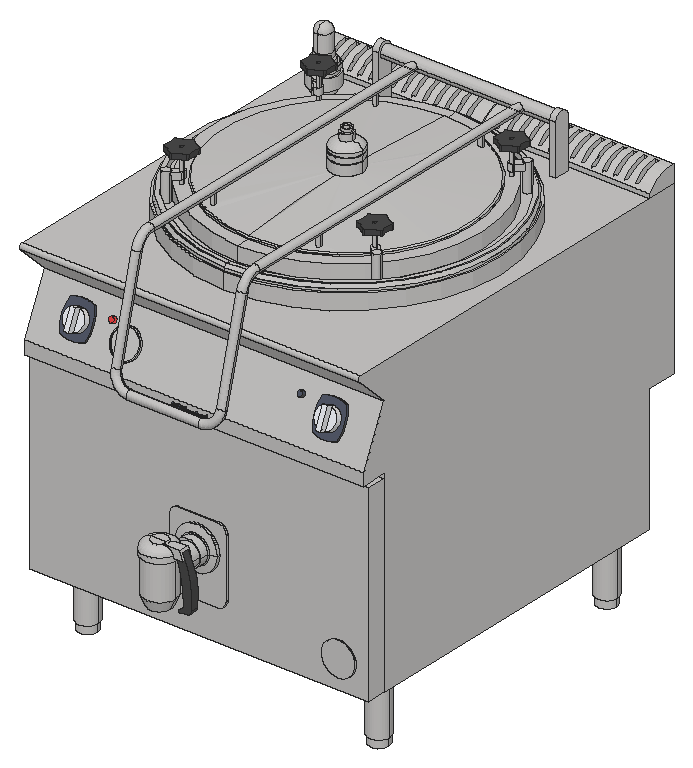
Revit family "QF_ELECTROLUXPROFESSIONAL_391295_E9BSGHIR4C", category Specialty Equipment, Revit 2018 (continued)
Lines and regions (mm)
  symbolic lines
    curve 226: arc (657.768, -246.369, 0) -> (653.24, -234.241, 0) -> (640.819, -237.891, 0) r 9.5
    curve 227: arc (400, -829, 0) -> (341.533, -824.274, 0) -> (284.584, -810.217, 0) r 364
    curve 228: arc (400, -819.087, 0) -> (341.488, -814.219, 0) -> (284.584, -799.749, 0) r 354.087
    curve 229: arc (400, -810.163, 0) -> (341.443, -805.16, 0) -> (284.584, -790.295, 0) r 345.163
    curve 230: arc (400, -785.832, 0) -> (341.301, -780.416, 0) -> (284.584, -764.353, 0) r 320.832
    curve 231: arc (400, -753.723, 0) -> (341.05, -747.641, 0) -> (284.584, -729.651, 0) r 288.723
    curve 232: arc (400, -176.277, 0) -> (458.95, -182.359, 0) -> (515.416, -200.349, 0) r 288.723
    curve 233: arc (400, -144.168, 0) -> (458.699, -149.584, 0) -> (515.416, -165.647, 0) r 320.832
    curve 234: arc (400, -119.837, 0) -> (458.557, -124.84, 0) -> (515.416, -139.705, 0) r 345.163
    curve 235: arc (454.332, -115.106, 0) -> (485.211, -121.319, 0) -> (515.416, -130.251, 0) r 354.087
    curve 236: arc (500.351, -115.106, 0) -> (507.909, -117.363, 0) -> (515.416, -119.783, 0) r 364
    curve 237: arc (284.584, -119.783, 0) -> (292.091, -117.363, 0) -> (299.649, -115.106, 0) r 364
    curve 238: arc (284.584, -130.251, 0) -> (314.789, -121.319, 0) -> (345.668, -115.106, 0) r 354.087
    curve 239: arc (284.584, -139.705, 0) -> (341.443, -124.84, 0) -> (400, -119.837, 0) r 345.163
    curve 240: arc (284.584, -165.647, 0) -> (341.301, -149.584, 0) -> (400, -144.168, 0) r 320.832
    curve 241: arc (284.584, -200.349, 0) -> (341.05, -182.359, 0) -> (400, -176.277, 0) r 288.723
    curve 242: arc (534.416, -209.474, 0) -> (568.945, -230.866, 0) -> (600.131, -256.892, 0) r 288.723
    curve 243: arc (534.416, -173.684, 0) -> (580.763, -199.938, 0) -> (622.126, -233.499, 0) r 320.832
    curve 244: arc (534.416, -147.085, 0) -> (745.163, -465, 0) -> (534.416, -782.915, 0) r 345.163
    curve 245: arc (534.416, -137.418, 0) -> (754.087, -465, 0) -> (534.416, -792.582, 0) r 354.087
    curve 246: arc (534.416, -126.727, 0) -> (764, -465, 0) -> (534.416, -803.273, 0) r 364
    curve 247: arc (265.584, -720.526, 0) -> (231.055, -699.134, 0) -> (199.869, -673.108, 0) r 288.723
    curve 248: arc (265.584, -756.316, 0) -> (219.237, -730.062, 0) -> (177.874, -696.501, 0) r 320.832
    curve 249: arc (265.584, -782.915, 0) -> (54.837, -465, 0) -> (265.584, -147.085, 0) r 345.163
    curve 250: arc (265.584, -792.582, 0) -> (45.913, -465, 0) -> (265.584, -137.418, 0) r 354.087
    curve 251: arc (265.584, -803.273, 0) -> (36, -465, 0) -> (265.584, -126.727, 0) r 364
    curve 252: arc (515.416, -810.217, 0) -> (458.467, -824.274, 0) -> (400, -829, 0) r 364
    curve 253: arc (515.416, -799.749, 0) -> (458.512, -814.219, 0) -> (400, -819.087, 0) r 354.087
    curve 254: arc (515.416, -790.295, 0) -> (458.557, -805.16, 0) -> (400, -810.163, 0) r 345.163
    curve 255: arc (515.416, -764.353, 0) -> (458.699, -780.416, 0) -> (400, -785.832, 0) r 320.832
    curve 256: arc (515.416, -729.651, 0) -> (458.95, -747.641, 0) -> (400, -753.723, 0) r 288.723
    curve 257: arc (199.869, -256.892, 0) -> (231.055, -230.866, 0) -> (265.584, -209.474, 0) r 288.723
    curve 258: arc (177.874, -233.499, 0) -> (219.237, -199.938, 0) -> (265.584, -173.684, 0) r 320.832
    curve 259: arc (632.594, -293.941, 0) -> (688.723, -465, 0) -> (632.594, -636.059, 0) r 288.723
    curve 260: arc (657.013, -272.965, 0) -> (720.832, -465, 0) -> (657.013, -657.035, 0) r 320.832
    curve 261: arc (600.131, -673.108, 0) -> (568.945, -699.134, 0) -> (534.416, -720.526, 0) r 288.723
    curve 262: arc (622.126, -696.501, 0) -> (580.763, -730.062, 0) -> (534.416, -756.316, 0) r 320.832
    curve 263: arc (167.406, -636.059, 0) -> (111.277, -465, 0) -> (167.406, -293.941, 0) r 288.723
    curve 264: arc (142.987, -657.035, 0) -> (79.168, -465, 0) -> (142.987, -272.965, 0) r 320.832
    curve 265: line (284.584, -930, 0) -> (515.416, -930, 0)
    curve 266: line (534.416, -930, 0) -> (800, -930, 0)
    curve 267: arc (363.126, -465, 0) -> (400, -428.126, 0) -> (436.874, -465, 0) r 36.874
    curve 268: arc (436.874, -465, 0) -> (400, -501.874, 0) -> (363.126, -465, 0) r 36.874
    curve 269: arc (411.853, -465, 0) -> (400, -476.853, 0) -> (388.147, -465, 0) r 11.853
    curve 270: arc (388.147, -465, 0) -> (400, -453.147, 0) -> (411.853, -465, 0) r 11.853
    curve 271: arc (393.147, -465, 0) -> (400, -458.147, 0) -> (406.853, -465, 0) r 6.853
    curve 272: arc (406.853, -465, 0) -> (400, -471.853, 0) -> (393.147, -465, 0) r 6.853
  sketch lines
    curve 273: line (524.916, -890.935, 965.089) -> (524.916, -107.606, 965.089)
    curve 274: line (275.084, -890.935, 965.089) -> (275.084, -107.606, 965.089)
    curve 275: line (275.084, -989.388, 712.205) -> (275.084, -929.572, 935.442)
    curve 276: line (484.916, -1000.106, 672.205) -> (315.084, -1000.106, 672.205)
    curve 277: line (524.916, -929.572, 935.442) -> (524.916, -989.388, 712.205)
    curve 278: spline (484.916, -1000.106, 672.205) -> (490.158, -1000.013, 672.551) -> (495.264, -999.741, 673.567) -> (500.22, -999.29, 675.249) -> (504.918, -998.67, 677.565) -> (509.267, -997.891, 680.471) -> (513.2, -996.967, 683.92) -> (516.65, -995.913, 687.855) -> (519.555, -994.746, 692.209) -> (521.869, -993.489, 696.901) -> (523.551, -992.164, 701.847) -> (524.57, -990.793, 706.961) -> (524.916, -989.388, 712.205)
    curve 279: spline (275.084, -989.388, 712.205) -> (275.43, -990.793, 706.963) -> (276.446, -992.161, 701.857) -> (278.128, -993.489, 696.901) -> (280.443, -994.748, 692.203) -> (283.35, -995.913, 687.854) -> (286.799, -996.967, 683.921) -> (290.734, -997.891, 680.471) -> (295.088, -998.67, 677.567) -> (299.78, -999.29, 675.252) -> (304.726, -999.74, 673.571) -> (309.84, -1000.013, 672.552) -> (315.084, -1000.106, 672.205)
    curve 280: arc (275.084, -890.935, 965.089) -> (275.084, -915.286, 956.823) -> (275.084, -929.572, 935.442) r 40
    curve 281: arc (524.916, -929.572, 935.442) -> (524.916, -915.286, 956.823) -> (524.916, -890.935, 965.089) r 40
    curve 282: line (275.084, -107.606, 965.089) -> (275.084, -270.469, 1731.3)
    curve 283: line (275.084, -538.322, 1775.026) -> (275.084, -307.502, 1762.929)
    curve 284: arc (275.084, -270.469, 1731.3) -> (275.084, -283.617, 1753.4) -> (275.084, -307.502, 1762.929) r 40
    curve 285: arc (275.084, -538.322, 1775.026) -> (286.8, -566.568, 1776.497) -> (315.084, -578.268, 1777.106) r 40
    curve 286: line (315.084, -578.268, 1777.106) -> (484.916, -578.268, 1777.106)
    curve 287: arc (524.916, -538.322, 1775.026) -> (513.2, -566.568, 1776.497) -> (484.916, -578.268, 1777.106) r 40
    curve 288: line (524.916, -538.322, 1775.026) -> (524.916, -307.502, 1762.929)
    curve 289: arc (524.916, -270.469, 1731.3) -> (524.916, -283.617, 1753.4) -> (524.916, -307.502, 1762.929) r 40
    curve 290: line (524.916, -107.606, 965.089) -> (524.916, -270.469, 1731.3)
Dimensions and locks
  equal spacing: plane 3 "LEFT", plane 7 "Center Y", plane 4 "RIGHT"
  plane 3 "LEFT" to plane 4 "RIGHT" = 800 mm
  equal spacing: plane 5 "FRONT", plane 8 "Center X", plane 1 "BACK"
  plane 5 "FRONT" to plane 1 "BACK" = 930 mm
  plane 6 "TOP" to level = 850 mm  (x2)
  plane 11 to level = 1786 mm  (x2)
  plane 9 "Base" to level = 150 mm  (x2)
  plane 6 "TOP" to plane 9 "Base" = 700 mm
  plane 13 to plane 3 "LEFT" = 56 mm
  plane 4 "RIGHT" to plane 14 = 56 mm
  plane 13 to plane 14 = 688 mm
  plane 12 to plane 5 "FRONT" = 130 mm
  plane 12 to Extrusion 5 = 101 mm
  Extrusion 5 to plane 10 = 116 mm
  plane 1 "BACK" to Extrusion 5 = 901 mm
  Extrusion 5 to plane 9 "Base" = 299 mm
  plane 1 "BACK" to Extrusion 5 = 72 mm
  Extrusion 21 sketch curve to plane 1 "BACK" = 655 mm
  Extrusion 21 sketch curve to plane 4 "RIGHT" = 54 mm
  Extrusion 22 sketch curve to plane 1 "BACK" = 721 mm
  Extrusion 22 sketch curve to plane 4 "RIGHT" = 71 mm
  Extrusion 22 to plane 1 "BACK" = 721 mm
  Extrusion 21 to plane 1 "BACK" = 655 mm
  plane 15 to plane 4 "RIGHT" = 54 mm
  plane 16 to plane 4 "RIGHT" = 71 mm
  Extrusion 23 sketch curve to plane 1 "BACK" = 646 mm
  Extrusion 23 sketch curve to plane 1 "BACK" = 716 mm
  Extrusion 23 to plane 1 "BACK" = 646 mm
  Extrusion 23 to plane 1 "BACK" = 716 mm
  plane 3 "LEFT" to plane 17 = 47 mm
  plane 1 "BACK" to plane 20 = 127 mm
  plane 20 to plane 12 = 673 mm
  Revolve 35 to level = 266 mm
  plane 9 "Base" to Extrusion 23 = 13 mm
  level to Extrusion 23 = 137 mm
  Extrusion 38 sketch curve to plane 1 "BACK" = 716 mm
  aligned and locked: level to plane 2
  aligned and locked: plane 4 "RIGHT" to Extrusion 5
Automatic sketch dimensions
  Revolve 1 sketch curve to plane 9 "Base" = 0 mm  (x2)
  Revolve 1 sketch curve to level = 0 mm
  plane 13 to Revolve 1 sketch curve = 0 mm  (x2)
  plane 17 to Revolve 1 sketch curve = 13.9 mm
  Revolve 1 sketch curve to Revolve 1 sketch curve = 2.5 mm
  level to Revolve 1 sketch curve = 19.05 mm
  plane 9 "Base" to Revolve 1 sketch curve = 20 mm
  Revolve 2 sketch curve to plane 9 "Base" = 0 mm  (x2)
  Revolve 2 sketch curve to level = 0 mm
  Revolve 2 sketch curve to plane 14 = 0 mm  (x2)
  Revolve 2 sketch curve to plane 15 = 20.9 mm
  Revolve 2 sketch curve to Revolve 2 sketch curve = 2.5 mm
  plane 9 "Base" to Revolve 2 sketch curve = 20 mm
  level to Revolve 2 sketch curve = 19.05 mm
  Revolve 3 sketch curve to plane 9 "Base" = 0 mm  (x2)
  Revolve 3 sketch curve to level = 0 mm
  plane 13 to Revolve 3 sketch curve = 0 mm  (x2)
  plane 17 to Revolve 3 sketch curve = 13.9 mm
  Revolve 3 sketch curve to Revolve 3 sketch curve = 2.5 mm
  level to Revolve 3 sketch curve = 19.05 mm
  plane 9 "Base" to Revolve 3 sketch curve = 20 mm
  Revolve 4 sketch curve to plane 9 "Base" = 0 mm  (x2)
  Revolve 4 sketch curve to level = 0 mm
  Revolve 4 sketch curve to plane 14 = 0 mm  (x2)
  Revolve 4 sketch curve to plane 15 = 20.9 mm
  Revolve 4 sketch curve to Revolve 4 sketch curve = 2.5 mm
  plane 9 "Base" to Revolve 4 sketch curve = 20 mm
  level to Revolve 4 sketch curve = 19.05 mm
  Extrusion 5 sketch curve to plane 6 "TOP" = 0 mm
  Extrusion 5 sketch curve to plane 9 "Base" = 0 mm  (x2)
  Extrusion 5 sketch curve to plane 1 "BACK" = 0 mm
  plane 20 to Extrusion 5 sketch curve = 55 mm
  Extrusion 5 sketch curve to plane 12 = 51.569 mm
  Extrusion 5 sketch curve to Extrusion 5 sketch curve = 3.175 mm  (x2)
  Extrusion 5 sketch curve to Extrusion 5 sketch curve = 0.442 mm
  Extrusion 5 sketch curve to plane 12 = 56.613 mm
  Extrusion 5 sketch curve to plane 5 "FRONT" = 29 mm
  Extrusion 5 sketch curve to plane 5 "FRONT" = 14.69 mm
  Extrusion 5 sketch curve to plane 5 "FRONT" = 7.658 mm
  Extrusion 5 sketch curve to plane 5 "FRONT" = 2.243 mm
  plane 9 "Base" to Extrusion 5 sketch curve = 299 mm
  Extrusion 5 sketch curve to plane 6 "TOP" = 247.929 mm
  Extrusion 5 sketch curve to Extrusion 5 sketch curve = 8.058 mm
  Extrusion 5 sketch curve to Extrusion 5 sketch curve = 9.61 mm
  Extrusion 5 sketch curve to Extrusion 5 sketch curve = 31.298 mm
  Extrusion 5 sketch curve to plane 6 "TOP" = 83.217 mm
  Extrusion 5 sketch curve to plane 6 "TOP" = 13.073 mm
  Extrusion 6 sketch curve to plane 7 "Center Y" = 46.875 mm
  plane 9 "Base" to Extrusion 6 sketch curve = 76.296 mm
  Extrusion 6 sketch curve to Extrusion 6 sketch curve = 20 mm  (x3)
  Extrusion 6 sketch curve to Extrusion 6 sketch curve = 140 mm
  plane 7 "Center Y" to Extrusion 6 sketch curve = 46.875 mm
  Extrusion 6 sketch curve to Extrusion 6 sketch curve = 0 mm
  Revolve 7 sketch curve to plane 7 "Center Y" = 0 mm  (x2)
  plane 7 "Center Y" to Revolve 7 sketch curve = 27.31 mm
  Revolve 7 sketch curve to Revolve 7 sketch curve = 4.21 mm
  Revolve 7 sketch curve to Revolve 7 sketch curve = 2.04 mm
  Revolve 7 sketch curve to Revolve 7 sketch curve = 16.919 mm
  Revolve 7 sketch curve to plane 10 = 22.744 mm
  plane 5 "FRONT" to Revolve 7 sketch curve = 4.737 mm
  Revolve 7 sketch curve to plane 5 "FRONT" = 1.761 mm
  Revolve 7 sketch curve to plane 5 "FRONT" = 13.787 mm
  Revolve 7 sketch curve to Revolve 7 sketch curve = 2.899 mm
  Revolve 7 sketch curve to Revolve 7 sketch curve = 3.596 mm
  Revolve 7 sketch curve to Revolve 7 sketch curve = 24.039 mm
  Revolve 7 sketch curve to Revolve 7 sketch curve = 15.961 mm
  plane 19 to Extrusion 9 sketch curve = 20.038 mm
  plane 16 to Extrusion 9 sketch curve = 1.596 mm
  Extrusion 9 sketch curve to Extrusion 9 sketch curve = 0 mm  (x3)
  Extrusion 9 sketch curve to plane 13 = 16.596 mm
  plane 18 to Extrusion 9 sketch curve = 20.038 mm
  Extrusion 9 sketch curve to Extrusion 9 sketch curve = 12.3 mm  (x2)
  Extrusion 9 sketch curve to plane 15 = 7.131 mm
  Extrusion 9 sketch curve to Extrusion 9 sketch curve = 34.925 mm  (x4)
  Extrusion 9 sketch curve to plane 19 = 5.076 mm
  Extrusion 9 sketch curve to plane 18 = 5.076 mm
  plane 17 to Extrusion 9 sketch curve = 0.131 mm
  Extrusion 9 sketch curve to Extrusion 9 sketch curve = 46.691 mm  (x2)
  plane 16 to Extrusion 9 sketch curve = 2.214 mm
  plane 18 to Extrusion 9 sketch curve = 20.651 mm
  Extrusion 9 sketch curve to plane 13 = 17.214 mm
  plane 19 to Extrusion 9 sketch curve = 20.651 mm
  Extrusion 10 sketch curve to Extrusion 10 sketch curve = 0 mm
  Extrusion 10 sketch curve to Extrusion 10 sketch curve = 595.086 mm
  Extrusion 11 sketch curve to Extrusion 11 sketch curve = 24.732 mm  (x2)
  Extrusion 11 sketch curve to Extrusion 11 sketch curve = 0 mm  (x2)
  Extrusion 12 sketch curve to plane 18 = 26.173 mm
  Extrusion 13 sketch curve to plane 19 = 26.173 mm
  plane 7 "Center Y" to Extrusion 14 sketch curve = 21.292 mm
  Extrusion 14 sketch curve to plane 6 "TOP" = 237.067 mm
  Extrusion 14 sketch curve to plane 7 "Center Y" = 13.807 mm
  Extrusion 14 sketch curve to Extrusion 14 sketch curve = 5.041 mm
  plane 7 "Center Y" to Extrusion 14 sketch curve = 5.969 mm
  Extrusion 14 sketch curve to Extrusion 14 sketch curve = 5.06 mm
  Extrusion 14 sketch curve to Extrusion 14 sketch curve = 0 mm  (x27)
  Extrusion 14 sketch curve to Extrusion 14 sketch curve = 5.108 mm  (x2)
  Extrusion 14 sketch curve to Extrusion 14 sketch curve = 0.054 mm
  Extrusion 14 sketch curve to Extrusion 14 sketch curve = 0.218 mm
  Extrusion 14 sketch curve to Extrusion 14 sketch curve = 0.195 mm
  Extrusion 14 sketch curve to Extrusion 14 sketch curve = 0.249 mm
  Extrusion 14 sketch curve to Extrusion 14 sketch curve = 0.316 mm
  Extrusion 14 sketch curve to Extrusion 14 sketch curve = 0.087 mm
  Extrusion 14 sketch curve to Extrusion 14 sketch curve = 0.358 mm
  Extrusion 14 sketch curve to Extrusion 14 sketch curve = 0.481 mm
  Extrusion 14 sketch curve to Extrusion 14 sketch curve = 0.597 mm
  Extrusion 14 sketch curve to Extrusion 14 sketch curve = 0.544 mm
  Extrusion 14 sketch curve to Extrusion 14 sketch curve = 0.936 mm
  Extrusion 14 sketch curve to Extrusion 14 sketch curve = 0.594 mm
  Extrusion 14 sketch curve to Extrusion 14 sketch curve = 0.343 mm
  Extrusion 14 sketch curve to Extrusion 14 sketch curve = 0.159 mm
  Extrusion 14 sketch curve to Extrusion 14 sketch curve = 0.826 mm
  Extrusion 14 sketch curve to Extrusion 14 sketch curve = 0.839 mm
  Extrusion 14 sketch curve to Extrusion 14 sketch curve = 0.852 mm
  Extrusion 14 sketch curve to Extrusion 14 sketch curve = 0.887 mm
  Extrusion 14 sketch curve to Extrusion 14 sketch curve = 0.928 mm
  Extrusion 14 sketch curve to Extrusion 14 sketch curve = 0.938 mm
  Extrusion 14 sketch curve to Extrusion 14 sketch curve = 0.444 mm
  Extrusion 14 sketch curve to Extrusion 14 sketch curve = 1.11 mm  (x3)
  plane 7 "Center Y" to Extrusion 14 sketch curve = 43.726 mm
  Extrusion 14 sketch curve to Extrusion 14 sketch curve = 0.215 mm
  plane 7 "Center Y" to Extrusion 14 sketch curve = 0.332 mm
  Extrusion 14 sketch curve to Extrusion 14 sketch curve = 1.43 mm
  Extrusion 14 sketch curve to Extrusion 14 sketch curve = 1.188 mm
  Extrusion 14 sketch curve to Extrusion 14 sketch curve = 1.21 mm  (x2)
  Extrusion 14 sketch curve to Extrusion 14 sketch curve = 0.503 mm
  plane 7 "Center Y" to Extrusion 14 sketch curve = 48.995 mm
  Extrusion 14 sketch curve to Extrusion 14 sketch curve = 0.488 mm
  plane 7 "Center Y" to Extrusion 14 sketch curve = 52.922 mm
  Extrusion 14 sketch curve to Extrusion 14 sketch curve = 0.462 mm
  Extrusion 14 sketch curve to Extrusion 14 sketch curve = 1.386 mm
  Extrusion 14 sketch curve to Extrusion 14 sketch curve = 1.742 mm
  Extrusion 14 sketch curve to Extrusion 14 sketch curve = 0.821 mm
  Extrusion 14 sketch curve to Extrusion 14 sketch curve = 0.497 mm
  Extrusion 14 sketch curve to Extrusion 14 sketch curve = 0.539 mm
  Extrusion 14 sketch curve to Extrusion 14 sketch curve = 0.199 mm
  Extrusion 14 sketch curve to plane 7 "Center Y" = 0.042 mm
  Extrusion 14 sketch curve to Extrusion 14 sketch curve = 0.408 mm
  Extrusion 14 sketch curve to Extrusion 14 sketch curve = 0.743 mm
  Extrusion 14 sketch curve to Extrusion 14 sketch curve = 1.16 mm
  Extrusion 14 sketch curve to Extrusion 14 sketch curve = 0.329 mm
  Extrusion 14 sketch curve to Extrusion 14 sketch curve = 1.054 mm
  Extrusion 14 sketch curve to Extrusion 14 sketch curve = 1.056 mm
  Extrusion 14 sketch curve to Extrusion 14 sketch curve = 0.129 mm
  Extrusion 14 sketch curve to Extrusion 14 sketch curve = 0.489 mm
  Extrusion 14 sketch curve to plane 7 "Center Y" = 0.376 mm
  Extrusion 14 sketch curve to Extrusion 14 sketch curve = 0.441 mm
  Extrusion 14 sketch curve to Extrusion 14 sketch curve = 1.151 mm
  Extrusion 14 sketch curve to Extrusion 14 sketch curve = 1.141 mm  (x2)
  Extrusion 14 sketch curve to Extrusion 14 sketch curve = 0.768 mm
  Extrusion 14 sketch curve to Extrusion 14 sketch curve = 1.653 mm
  Extrusion 14 sketch curve to Extrusion 14 sketch curve = 0.499 mm
  Extrusion 14 sketch curve to Extrusion 14 sketch curve = 0.964 mm
  Extrusion 14 sketch curve to Extrusion 14 sketch curve = 0.949 mm
  Extrusion 14 sketch curve to Extrusion 14 sketch curve = 1.345 mm  (x3)
  Extrusion 14 sketch curve to Extrusion 14 sketch curve = 1.101 mm
  Extrusion 14 sketch curve to Extrusion 14 sketch curve = 0.432 mm
  Extrusion 14 sketch curve to Extrusion 14 sketch curve = 1.142 mm
  Extrusion 14 sketch curve to Extrusion 14 sketch curve = 0.959 mm
  Extrusion 14 sketch curve to Extrusion 14 sketch curve = 0.176 mm
  Extrusion 14 sketch curve to Extrusion 14 sketch curve = 0.728 mm
  Extrusion 14 sketch curve to Extrusion 14 sketch curve = 3.375 mm  (x2)
  Extrusion 14 sketch curve to Extrusion 14 sketch curve = 0.541 mm
  Extrusion 14 sketch curve to Extrusion 14 sketch curve = 0.955 mm
  Extrusion 14 sketch curve to Extrusion 14 sketch curve = 1.251 mm
  Extrusion 14 sketch curve to Extrusion 14 sketch curve = 0.572 mm
  plane 7 "Center Y" to Extrusion 14 sketch curve = 47.619 mm
  Extrusion 14 sketch curve to Extrusion 14 sketch curve = 1.92 mm
  Extrusion 14 sketch curve to Extrusion 14 sketch curve = 1.224 mm
  Extrusion 14 sketch curve to Extrusion 14 sketch curve = 0.745 mm
  Extrusion 14 sketch curve to Extrusion 14 sketch curve = 0.036 mm
  Extrusion 14 sketch curve to Extrusion 14 sketch curve = 0.896 mm  (x3)
  Extrusion 14 sketch curve to Extrusion 14 sketch curve = 2.607 mm
  Extrusion 14 sketch curve to Extrusion 14 sketch curve = 0.066 mm
  Extrusion 14 sketch curve to Extrusion 14 sketch curve = 0.248 mm
  Extrusion 14 sketch curve to Extrusion 14 sketch curve = 0.449 mm
  plane 7 "Center Y" to Extrusion 14 sketch curve = 46.838 mm
  Extrusion 14 sketch curve to Extrusion 14 sketch curve = 1.052 mm
  Extrusion 14 sketch curve to Extrusion 14 sketch curve = 1.863 mm
  Extrusion 14 sketch curve to Extrusion 14 sketch curve = 1.31 mm  (x2)
  Extrusion 14 sketch curve to Extrusion 14 sketch curve = 0.901 mm
  Extrusion 14 sketch curve to Extrusion 14 sketch curve = 1.107 mm
  Extrusion 14 sketch curve to Extrusion 14 sketch curve = 2.122 mm
  Extrusion 14 sketch curve to Extrusion 14 sketch curve = 2.101 mm
  Extrusion 14 sketch curve to Extrusion 14 sketch curve = 0.106 mm
  Extrusion 14 sketch curve to Extrusion 14 sketch curve = 0.029 mm
  plane 7 "Center Y" to Extrusion 14 sketch curve = 49.641 mm
  Extrusion 14 sketch curve to Extrusion 14 sketch curve = 2.09 mm
  Extrusion 14 sketch curve to Extrusion 14 sketch curve = 1.279 mm
  Extrusion 14 sketch curve to Extrusion 14 sketch curve = 2.008 mm
  Extrusion 14 sketch curve to Extrusion 14 sketch curve = 0.738 mm
  Extrusion 14 sketch curve to Extrusion 14 sketch curve = 0.382 mm
  Extrusion 14 sketch curve to Extrusion 14 sketch curve = 0.384 mm
  Extrusion 14 sketch curve to Extrusion 14 sketch curve = 0.002 mm
  Extrusion 14 sketch curve to Extrusion 14 sketch curve = 0.561 mm
  Extrusion 14 sketch curve to Extrusion 14 sketch curve = 0.592 mm
  Extrusion 14 sketch curve to Extrusion 14 sketch curve = 2.692 mm
  Extrusion 14 sketch curve to Extrusion 14 sketch curve = 1.259 mm
  plane 7 "Center Y" to Extrusion 14 sketch curve = 48.858 mm
  Extrusion 14 sketch curve to Extrusion 14 sketch curve = 0.802 mm
  Extrusion 14 sketch curve to Extrusion 14 sketch curve = 1.024 mm
  Extrusion 14 sketch curve to Extrusion 14 sketch curve = 0.682 mm
  Extrusion 14 sketch curve to Extrusion 14 sketch curve = 5.934 mm
  Extrusion 14 sketch curve to Extrusion 14 sketch curve = 2.186 mm
  Extrusion 14 sketch curve to Extrusion 14 sketch curve = 0.337 mm
  Extrusion 14 sketch curve to Extrusion 14 sketch curve = 0.021 mm
  Extrusion 14 sketch curve to Extrusion 14 sketch curve = 1.005 mm
  Extrusion 14 sketch curve to Extrusion 14 sketch curve = 0.552 mm
  Extrusion 14 sketch curve to Extrusion 14 sketch curve = 0.778 mm
  Extrusion 14 sketch curve to Extrusion 14 sketch curve = 0.063 mm
  Extrusion 14 sketch curve to Extrusion 14 sketch curve = 1.023 mm
  Extrusion 14 sketch curve to Extrusion 14 sketch curve = 3.804 mm
  Extrusion 14 sketch curve to Extrusion 14 sketch curve = 0.486 mm
  Extrusion 14 sketch curve to Extrusion 14 sketch curve = 0.266 mm
  Extrusion 14 sketch curve to plane 7 "Center Y" = 0.787 mm
  Extrusion 14 sketch curve to Extrusion 14 sketch curve = 1.547 mm
  Extrusion 14 sketch curve to Extrusion 14 sketch curve = 0.717 mm  (x2)
  Extrusion 14 sketch curve to Extrusion 14 sketch curve = 1.667 mm
  plane 7 "Center Y" to Extrusion 14 sketch curve = 44.532 mm
  Extrusion 14 sketch curve to Extrusion 14 sketch curve = 3.174 mm
  plane 7 "Center Y" to Extrusion 14 sketch curve = 0.368 mm
  Extrusion 14 sketch curve to Extrusion 14 sketch curve = 0.388 mm
  Extrusion 14 sketch curve to Extrusion 14 sketch curve = 1.342 mm
  plane 7 "Center Y" to Extrusion 14 sketch curve = 50.135 mm
  Extrusion 14 sketch curve to Extrusion 14 sketch curve = 1.521 mm
  plane 7 "Center Y" to Extrusion 14 sketch curve = 51.694 mm
  Extrusion 14 sketch curve to Extrusion 14 sketch curve = 0.124 mm
  Extrusion 14 sketch curve to Extrusion 14 sketch curve = 0.291 mm
  plane 7 "Center Y" to Extrusion 14 sketch curve = 7.285 mm
  Extrusion 14 sketch curve to Extrusion 14 sketch curve = 1.049 mm  (x2)
  plane 7 "Center Y" to Extrusion 14 sketch curve = 47.668 mm
  Extrusion 14 sketch curve to Extrusion 14 sketch curve = 1.7 mm
  Extrusion 14 sketch curve to Extrusion 14 sketch curve = 0.894 mm
  Extrusion 14 sketch curve to Extrusion 14 sketch curve = 0.989 mm
  Extrusion 14 sketch curve to Extrusion 14 sketch curve = 1.168 mm
  Extrusion 14 sketch curve to Extrusion 14 sketch curve = 1.594 mm
  Extrusion 14 sketch curve to Extrusion 14 sketch curve = 0.731 mm
  Extrusion 14 sketch curve to Extrusion 14 sketch curve = 1.566 mm
  Extrusion 14 sketch curve to Extrusion 14 sketch curve = 0.064 mm
  plane 7 "Center Y" to Extrusion 14 sketch curve = 7.842 mm
  Extrusion 14 sketch curve to Extrusion 14 sketch curve = 0.556 mm
  Extrusion 14 sketch curve to Extrusion 14 sketch curve = 0.48 mm
  Extrusion 14 sketch curve to Extrusion 14 sketch curve = 0.228 mm
  Extrusion 14 sketch curve to Extrusion 14 sketch curve = 1.018 mm
  plane 7 "Center Y" to Extrusion 14 sketch curve = 37.429 mm
  Extrusion 14 sketch curve to Extrusion 14 sketch curve = 0.787 mm
  Extrusion 14 sketch curve to Extrusion 14 sketch curve = 0.618 mm
  plane 7 "Center Y" to Extrusion 14 sketch curve = 42.486 mm
  Extrusion 14 sketch curve to Extrusion 14 sketch curve = 1.672 mm
  plane 7 "Center Y" to Extrusion 14 sketch curve = 53.436 mm
  Extrusion 14 sketch curve to Extrusion 14 sketch curve = 1.361 mm
  Extrusion 14 sketch curve to Extrusion 14 sketch curve = 0.822 mm
  Extrusion 14 sketch curve to Extrusion 14 sketch curve = 0.069 mm
  Extrusion 14 sketch curve to Extrusion 14 sketch curve = 1.88 mm
  plane 7 "Center Y" to Extrusion 14 sketch curve = 35.269 mm
  Extrusion 14 sketch curve to Extrusion 14 sketch curve = 0.42 mm
  Extrusion 14 sketch curve to Extrusion 14 sketch curve = 0.062 mm
  Extrusion 14 sketch curve to Extrusion 14 sketch curve = 1.355 mm
  Extrusion 14 sketch curve to Extrusion 14 sketch curve = 2.34 mm
  Extrusion 14 sketch curve to Extrusion 14 sketch curve = 0.493 mm
  Extrusion 14 sketch curve to Extrusion 14 sketch curve = 0.136 mm
  Extrusion 14 sketch curve to Extrusion 14 sketch curve = 0.128 mm
  Extrusion 14 sketch curve to Extrusion 14 sketch curve = 3.616 mm
  Extrusion 14 sketch curve to Extrusion 14 sketch curve = 4.207 mm
  Extrusion 14 sketch curve to Extrusion 14 sketch curve = 0.183 mm
  Extrusion 14 sketch curve to Extrusion 14 sketch curve = 0.895 mm
  Extrusion 14 sketch curve to Extrusion 14 sketch curve = 1.314 mm
  Extrusion 14 sketch curve to Extrusion 14 sketch curve = 3.231 mm
  Extrusion 14 sketch curve to plane 7 "Center Y" = 23.526 mm
  Extrusion 14 sketch curve to Extrusion 14 sketch curve = 1.299 mm
  Extrusion 14 sketch curve to Extrusion 14 sketch curve = 1.214 mm
  plane 7 "Center Y" to Extrusion 14 sketch curve = 26.369 mm
  Extrusion 14 sketch curve to Extrusion 14 sketch curve = 1.264 mm
  Extrusion 14 sketch curve to Extrusion 14 sketch curve = 0.109 mm
  Extrusion 14 sketch curve to Extrusion 14 sketch curve = 0.357 mm
  Extrusion 14 sketch curve to Extrusion 14 sketch curve = 0.565 mm
  Extrusion 14 sketch curve to Extrusion 14 sketch curve = 2.504 mm
  Extrusion 14 sketch curve to Extrusion 14 sketch curve = 2.459 mm
  Extrusion 14 sketch curve to Extrusion 14 sketch curve = 0.983 mm
  Extrusion 14 sketch curve to Extrusion 14 sketch curve = 0.422 mm  (x2)
  Extrusion 14 sketch curve to Extrusion 14 sketch curve = 1.268 mm
  Extrusion 14 sketch curve to Extrusion 14 sketch curve = 0.671 mm
  Extrusion 14 sketch curve to Extrusion 14 sketch curve = 1.634 mm
  Extrusion 14 sketch curve to Extrusion 14 sketch curve = 0.132 mm
  Extrusion 14 sketch curve to Extrusion 14 sketch curve = 0.586 mm
  Extrusion 14 sketch curve to Extrusion 14 sketch curve = 1.241 mm
  Extrusion 14 sketch curve to Extrusion 14 sketch curve = 1.689 mm
  Extrusion 14 sketch curve to Extrusion 14 sketch curve = 0.627 mm
  Extrusion 14 sketch curve to Extrusion 14 sketch curve = 0.419 mm
  Extrusion 14 sketch curve to Extrusion 14 sketch curve = 1.514 mm
  Extrusion 14 sketch curve to Extrusion 14 sketch curve = 1.019 mm
  Extrusion 14 sketch curve to Extrusion 14 sketch curve = 0.065 mm
  Extrusion 14 sketch curve to Extrusion 14 sketch curve = 1.215 mm
  Extrusion 14 sketch curve to Extrusion 14 sketch curve = 1.122 mm
  Extrusion 14 sketch curve to Extrusion 14 sketch curve = 1.153 mm
  Extrusion 14 sketch curve to Extrusion 14 sketch curve = 1.223 mm
  Extrusion 14 sketch curve to Extrusion 14 sketch curve = 0.934 mm
  Extrusion 14 sketch curve to Extrusion 14 sketch curve = 3.376 mm
  Extrusion 14 sketch curve to Extrusion 14 sketch curve = 0.222 mm
  Extrusion 14 sketch curve to Extrusion 14 sketch curve = 1.383 mm
  Extrusion 14 sketch curve to Extrusion 14 sketch curve = 1.556 mm
  Extrusion 14 sketch curve to Extrusion 14 sketch curve = 2.559 mm
  Extrusion 14 sketch curve to Extrusion 14 sketch curve = 2.51 mm
  Extrusion 14 sketch curve to Extrusion 14 sketch curve = 0.131 mm
  Extrusion 14 sketch curve to Extrusion 14 sketch curve = 1.134 mm
  Extrusion 14 sketch curve to Extrusion 14 sketch curve = 0.094 mm
  Extrusion 14 sketch curve to Extrusion 14 sketch curve = 1.584 mm
  Extrusion 14 sketch curve to Extrusion 14 sketch curve = 0.27 mm
  Extrusion 14 sketch curve to Extrusion 14 sketch curve = 0.916 mm
  Extrusion 14 sketch curve to Extrusion 14 sketch curve = 0.352 mm
  Extrusion 14 sketch curve to Extrusion 14 sketch curve = 0.458 mm
  Extrusion 14 sketch curve to Extrusion 14 sketch curve = 1.282 mm
  Extrusion 14 sketch curve to Extrusion 14 sketch curve = 1.363 mm
  Extrusion 14 sketch curve to Extrusion 14 sketch curve = 0.685 mm
  Extrusion 14 sketch curve to Extrusion 14 sketch curve = 0.905 mm
  Extrusion 14 sketch curve to Extrusion 14 sketch curve = 1.477 mm
  Extrusion 14 sketch curve to Extrusion 14 sketch curve = 0.472 mm
  Extrusion 14 sketch curve to Extrusion 14 sketch curve = 0.101 mm
  Extrusion 14 sketch curve to Extrusion 14 sketch curve = 0.54 mm
  Extrusion 14 sketch curve to Extrusion 14 sketch curve = 0.02 mm
  Extrusion 14 sketch curve to Extrusion 14 sketch curve = 0.829 mm
  Extrusion 14 sketch curve to Extrusion 14 sketch curve = 0.582 mm
  Extrusion 14 sketch curve to Extrusion 14 sketch curve = 0.166 mm
  Extrusion 14 sketch curve to Extrusion 14 sketch curve = 0.16 mm
  Extrusion 14 sketch curve to Extrusion 14 sketch curve = 1.118 mm
  Extrusion 14 sketch curve to Extrusion 14 sketch curve = 0.613 mm
  Extrusion 14 sketch curve to Extrusion 14 sketch curve = 0.781 mm
  Extrusion 14 sketch curve to Extrusion 14 sketch curve = 0.361 mm
  Extrusion 14 sketch curve to Extrusion 14 sketch curve = 0.897 mm
  Extrusion 14 sketch curve to Extrusion 14 sketch curve = 0.167 mm
  Extrusion 14 sketch curve to Extrusion 14 sketch curve = 0.292 mm
  Extrusion 14 sketch curve to Extrusion 14 sketch curve = 0.305 mm
  Extrusion 14 sketch curve to Extrusion 14 sketch curve = 1.557 mm
  Extrusion 14 sketch curve to Extrusion 14 sketch curve = 2.499 mm
  Extrusion 14 sketch curve to Extrusion 14 sketch curve = 3.062 mm
  Extrusion 14 sketch curve to Extrusion 14 sketch curve = 2.968 mm
  Extrusion 14 sketch curve to Extrusion 14 sketch curve = 5.044 mm
  Extrusion 14 sketch curve to Extrusion 14 sketch curve = 0.629 mm  (x2)
  Extrusion 14 sketch curve to Extrusion 14 sketch curve = 1.131 mm
  Extrusion 14 sketch curve to Extrusion 14 sketch curve = 0.137 mm
  Extrusion 14 sketch curve to Extrusion 14 sketch curve = 0.027 mm
  Extrusion 14 sketch curve to Extrusion 14 sketch curve = 2.046 mm
  Extrusion 14 sketch curve to Extrusion 14 sketch curve = 2.235 mm
  Revolve 15 sketch curve to plane 6 "TOP" = 0 mm
  Revolve 15 sketch curve to plane 8 "Center X" = 0 mm  (x2)
  plane 12 to Revolve 15 sketch curve = 46.277 mm
  Revolve 15 sketch curve to Revolve 15 sketch curve = 2.777 mm  (x2)
  plane 12 to Revolve 15 sketch curve = 14.168 mm
  Revolve 15 sketch curve to plane 12 = 10.163 mm
  Revolve 15 sketch curve to Revolve 15 sketch curve = 8.924 mm
  Revolve 15 sketch curve to Revolve 15 sketch curve = 13.837 mm
  Revolve 15 sketch curve to plane 12 = 29 mm
  Revolve 15 sketch curve to level = 1659.206 mm
  plane 6 "TOP" to Revolve 15 sketch curve = 37.198 mm
  Revolve 15 sketch curve to Revolve 15 sketch curve = 1.927 mm
  plane 6 "TOP" to Revolve 15 sketch curve = 40.825 mm
  Revolve 15 sketch curve to Revolve 15 sketch curve = 5.725 mm
  Revolve 15 sketch curve to Revolve 15 sketch curve = 8.509 mm
  Revolve 15 sketch curve to Revolve 15 sketch curve = 1.804 mm
  Revolve 15 sketch curve to Revolve 15 sketch curve = 35.657 mm
  Revolve 15 sketch curve to Revolve 15 sketch curve = 3.37 mm
  Revolve 15 sketch curve to Revolve 15 sketch curve = 6.257 mm
  Extrusion 16 sketch curve to plane 6 "TOP" = 0 mm
  Extrusion 16 sketch curve to plane 1 "BACK" = 0 mm
  plane 1 "BACK" to Extrusion 16 sketch curve = 4.947 mm
  plane 6 "TOP" to Extrusion 16 sketch curve = 10.4 mm
  plane 20 to Extrusion 16 sketch curve = 57.15 mm
  Extrusion 16 sketch curve to plane 6 "TOP" = 39.807 mm
  plane 1 "BACK" to Extrusion 17 sketch curve = 6.761 mm  (x14)
  Extrusion 17 sketch curve to Extrusion 17 sketch curve = 57.15 mm
  Extrusion 17 sketch curve to Extrusion 17 sketch curve = 0 mm  (x13)
  plane 17 to Extrusion 17 sketch curve = 8.001 mm
  Extrusion 17 sketch curve to Extrusion 17 sketch curve = 9.296 mm  (x13)
  plane 13 to Extrusion 17 sketch curve = 0.809 mm
  Extrusion 17 sketch curve to plane 13 = 8.487 mm
  Extrusion 17 sketch curve to Extrusion 17 sketch curve = 16.193 mm  (x11)
  Extrusion 17 sketch curve to plane 18 = 6.135 mm
  Extrusion 18 sketch curve to plane 6 "TOP" = 0 mm
  Extrusion 18 sketch curve to plane 1 "BACK" = 0 mm
  plane 1 "BACK" to Extrusion 18 sketch curve = 4.947 mm
  plane 6 "TOP" to Extrusion 18 sketch curve = 10.4 mm
  plane 20 to Extrusion 18 sketch curve = 57.15 mm
  Extrusion 18 sketch curve to Extrusion 18 sketch curve = 42.1 mm
  plane 1 "BACK" to Extrusion 19 sketch curve = 6.761 mm  (x14)
  Extrusion 19 sketch curve to Extrusion 19 sketch curve = 57.15 mm
  Extrusion 19 sketch curve to Extrusion 19 sketch curve = 0 mm  (x13)
  Extrusion 19 sketch curve to plane 16 = 6.513 mm
  plane 16 to Extrusion 19 sketch curve = 9.68 mm
  Extrusion 19 sketch curve to Extrusion 19 sketch curve = 9.296 mm  (x13)
  Extrusion 19 sketch curve to Extrusion 19 sketch curve = 16.193 mm  (x10)
  Extrusion 19 sketch curve to plane 19 = 6.135 mm
  plane 14 to Extrusion 19 sketch curve = 0.809 mm
  Extrusion 19 sketch curve to plane 15 = 15.001 mm
  Extrusion 20 sketch curve to plane 18 = 124.074 mm  (x2)
  Extrusion 20 sketch curve to plane 19 = 124.074 mm  (x2)
  plane 12 to Extrusion 20 sketch curve = 96.372 mm  (x2)
  Extrusion 20 sketch curve to plane 20 = 98.372 mm  (x2)
  Extrusion 25 sketch curve to plane 6 "TOP" = 0 mm
  plane 20 to Extrusion 25 sketch curve = 9.5 mm
  Extrusion 25 sketch curve to Extrusion 25 sketch curve = 17.394 mm
  Extrusion 25 sketch curve to Extrusion 25 sketch curve = 117.07 mm
  plane 20 to Extrusion 26 sketch curve = 26.894 mm
  plane 6 "TOP" to Extrusion 26 sketch curve = 115.089 mm
  Extrusion 27 sketch curve to plane 6 "TOP" = 0 mm
  plane 20 to Extrusion 27 sketch curve = 9.5 mm
  Extrusion 27 sketch curve to Extrusion 27 sketch curve = 17.394 mm
  Extrusion 27 sketch curve to Extrusion 27 sketch curve = 117.07 mm
  Extrusion 28 sketch curve to plane 18 = 66.922 mm
  Split face 1 sketch curve to Split face 1 sketch curve = 0.836 mm
  Split face 1 sketch curve to Split face 1 sketch curve = 1.45 mm
  Split face 1 sketch curve to Split face 1 sketch curve = 19.376 mm
  Split face 1 sketch curve to Split face 1 sketch curve = 0.222 mm
  Split face 1 sketch curve to Split face 1 sketch curve = 0.237 mm
  Split face 1 sketch curve to Split face 1 sketch curve = 0.785 mm
  Split face 1 sketch curve to Split face 1 sketch curve = 1.487 mm
  Split face 1 sketch curve to Split face 1 sketch curve = 4.448 mm
  Split face 1 sketch curve to Split face 1 sketch curve = 1.554 mm  (x2)
  Split face 1 sketch curve to Split face 1 sketch curve = 4.065 mm
  Split face 1 sketch curve to Split face 1 sketch curve = 16.107 mm
  Split face 1 sketch curve to Split face 1 sketch curve = 0.246 mm
  Revolve 30 sketch curve to plane 6 "TOP" = 0 mm
  Revolve 30 sketch curve to plane 20 = 0 mm  (x2)
  Revolve 30 sketch curve to plane 20 = 18.183 mm
  Revolve 30 sketch curve to Revolve 30 sketch curve = 2.332 mm
  Revolve 30 sketch curve to Revolve 30 sketch curve = 4.485 mm  (x2)
  Revolve 30 sketch curve to plane 20 = 25 mm
  Revolve 30 sketch curve to Revolve 30 sketch curve = 5 mm  (x2)
  Revolve 30 sketch curve to Revolve 30 sketch curve = 0 mm  (x2)
  Revolve 30 sketch curve to Revolve 30 sketch curve = 3.008 mm
  Revolve 30 sketch curve to Revolve 30 sketch curve = 10 mm  (x2)
  plane 6 "TOP" to Revolve 30 sketch curve = 15.138 mm
  Revolve 30 sketch curve to Revolve 30 sketch curve = 27.785 mm
  Revolve 30 sketch curve to Revolve 30 sketch curve = 8.509 mm
  Revolve 30 sketch curve to Revolve 30 sketch curve = 8.128 mm
  Revolve 30 sketch curve to Revolve 30 sketch curve = 6.455 mm
  Revolve 30 sketch curve to Revolve 30 sketch curve = 10.697 mm
  Revolve 30 sketch curve to Revolve 30 sketch curve = 40.669 mm
  Revolve 15 to Extrusion 31 sketch curve = 248.99 mm  (x2)
  Extrusion 31 sketch curve to Revolve 15 = 248.99 mm  (x2)
  Extrusion 31 sketch curve to Extrusion 31 sketch curve = 0 mm
  Extrusion 31 sketch curve to Extrusion 31 sketch curve = 445 mm  (x2)
  Extrusion 32 sketch curve to plane 18 = 0 mm  (x2)
  Extrusion 32 sketch curve to plane 19 = 0 mm  (x2)
  plane 18 to Extrusion 32 sketch curve = 2.034 mm  (x2)
  Extrusion 32 sketch curve to plane 18 = 9.28 mm  (x2)
  Extrusion 32 sketch curve to plane 18 = 14.468 mm  (x2)
  Extrusion 32 sketch curve to Extrusion 32 sketch curve = 5.657 mm  (x12)
  Extrusion 32 sketch curve to plane 19 = 25.782 mm  (x2)
  Extrusion 32 sketch curve to plane 19 = 9.28 mm  (x2)
  plane 19 to Extrusion 32 sketch curve = 2.034 mm  (x2)
  plane 12 to Extrusion 32 sketch curve = 111.229 mm  (x2)
  Extrusion 32 sketch curve to Extrusion 32 sketch curve = 2.034 mm  (x2)
  Extrusion 32 sketch curve to Extrusion 32 sketch curve = 16.502 mm  (x4)
  Extrusion 32 sketch curve to plane 20 = 141.519 mm  (x2)
  Extrusion 32 sketch curve to Extrusion 32 sketch curve = 9.28 mm  (x2)
  Revolve 15 to Extrusion 33 sketch curve = 228.323 mm  (x2)
  Extrusion 33 sketch curve to Revolve 15 = 228.323 mm  (x2)
  Extrusion 33 sketch curve to Extrusion 33 sketch curve = 0 mm
  Extrusion 33 sketch curve to Extrusion 33 sketch curve = 404.139 mm  (x2)
  Extrusion 34 sketch curve to Extrusion 34 sketch curve = 0 mm  (x58)
  Extrusion 34 sketch curve to plane 13 = 22.767 mm  (x2)
  plane 18 to Extrusion 34 sketch curve = 25.788 mm  (x4)
  plane 18 to Extrusion 34 sketch curve = 8.933 mm  (x4)
  Extrusion 34 sketch curve to Extrusion 34 sketch curve = 2.05 mm  (x8)
  Extrusion 34 sketch curve to Extrusion 34 sketch curve = 2.922 mm  (x12)
  Extrusion 34 sketch curve to Extrusion 34 sketch curve = 0.873 mm  (x12)
  Extrusion 34 sketch curve to plane 18 = 16.667 mm  (x2)
  Extrusion 34 sketch curve to plane 18 = 18.605 mm  (x2)
  Extrusion 34 sketch curve to plane 18 = 18.637 mm  (x2)
  Extrusion 34 sketch curve to Extrusion 34 sketch curve = 2.063 mm  (x8)
  Extrusion 34 sketch curve to Extrusion 34 sketch curve = 2.031 mm  (x8)
  Extrusion 34 sketch curve to Extrusion 34 sketch curve = 4 mm  (x4)
  Extrusion 34 sketch curve to Extrusion 34 sketch curve = 22.678 mm  (x4)
  Extrusion 34 sketch curve to Extrusion 34 sketch curve = 44.393 mm
  Extrusion 34 sketch curve to plane 20 = 55.467 mm  (x2)
  Extrusion 34 sketch curve to Extrusion 34 sketch curve = 44.425 mm
  Extrusion 34 sketch curve to plane 19 = 113.578 mm  (x2)
  Extrusion 34 sketch curve to plane 19 = 67.123 mm  (x4)
  Extrusion 34 sketch curve to plane 19 = 50.268 mm  (x2)
  Extrusion 34 sketch curve to plane 19 = 24.667 mm  (x2)
  Extrusion 34 sketch curve to plane 19 = 22.73 mm  (x2)
  Extrusion 34 sketch curve to plane 19 = 22.698 mm  (x2)
  plane 19 to Extrusion 34 sketch curve = 6.011 mm  (x4)
  plane 19 to Extrusion 34 sketch curve = 25.788 mm  (x2)
  Extrusion 34 sketch curve to Extrusion 34 sketch curve = 47.449 mm  (x2)
  Extrusion 34 sketch curve to Extrusion 34 sketch curve = 15.403 mm  (x4)
  Extrusion 34 sketch curve to plane 8 "Center X" = 121.606 mm  (x2)
  Extrusion 34 sketch curve to Extrusion 34 sketch curve = 47.479 mm  (x2)
  Revolve 35 sketch curve to plane 7 "Center Y" = 0 mm  (x2)
  plane 7 "Center Y" to Revolve 35 sketch curve = 20.039 mm
  plane 7 "Center Y" to Revolve 35 sketch curve = 26.476 mm
  Revolve 35 sketch curve to Revolve 35 sketch curve = 17.448 mm
  Revolve 35 sketch curve to Revolve 35 sketch curve = 3.622 mm
  plane 9 "Base" to Revolve 35 sketch curve = 106.66 mm
  Revolve 35 sketch curve to Revolve 35 sketch curve = 9.34 mm
  Revolve 35 sketch curve to Revolve 35 sketch curve = 25 mm
  Revolve 35 sketch curve to Revolve 35 sketch curve = 83.963 mm
  Revolve 35 sketch curve to Revolve 35 sketch curve = 7.566 mm
  Revolve 35 sketch curve to Revolve 35 sketch curve = 12.044 mm
  Revolve 35 sketch curve to Revolve 35 sketch curve = 22.59 mm
  Extrusion 36 sketch curve to plane 18 = 99.149 mm
  Extrusion 36 sketch curve to Extrusion 36 sketch curve = 43.767 mm
  plane 7 "Center Y" to Extrusion 36 sketch curve = 38.183 mm
  plane 7 "Center Y" to Extrusion 36 sketch curve = 50.92 mm
  Extrusion 36 sketch curve to Extrusion 36 sketch curve = 3.423 mm
  Extrusion 36 sketch curve to Extrusion 36 sketch curve = 0 mm
  Extrusion 36 sketch curve to Extrusion 36 sketch curve = 0.693 mm
  Extrusion 36 sketch curve to Extrusion 36 sketch curve = 0.284 mm
  Extrusion 36 sketch curve to Extrusion 36 sketch curve = 22.359 mm
  Extrusion 36 sketch curve to Extrusion 36 sketch curve = 7.729 mm
  Extrusion 36 sketch curve to Extrusion 36 sketch curve = 8.743 mm
  Extrusion 36 sketch curve to Extrusion 36 sketch curve = 1.357 mm
  Extrusion 36 sketch curve to Extrusion 36 sketch curve = 9.852 mm
  plane 9 "Base" to Extrusion 36 sketch curve = 120.686 mm
  Extrusion 36 sketch curve to Extrusion 36 sketch curve = 2.347 mm
  Extrusion 36 sketch curve to Extrusion 36 sketch curve = 3.764 mm
  Extrusion 36 sketch curve to Extrusion 36 sketch curve = 0.821 mm
  plane 9 "Base" to Extrusion 36 sketch curve = 151.038 mm
  Extrusion 37 sketch curve to plane 7 "Center Y" = 9.756 mm
  plane 7 "Center Y" to Extrusion 37 sketch curve = 2.961 mm
  plane 7 "Center Y" to Extrusion 37 sketch curve = 15.663 mm
  Extrusion 37 sketch curve to Extrusion 37 sketch curve = 21.173 mm
  Extrusion 37 sketch curve to Extrusion 37 sketch curve = 19.905 mm
  Extrusion 37 sketch curve to Extrusion 37 sketch curve = 7.134 mm
  plane 9 "Base" to Extrusion 37 sketch curve = 220.162 mm
  Extrusion 37 sketch curve to Extrusion 37 sketch curve = 0.322 mm
  Revolve 39 sketch curve to plane 7 "Center Y" = 0 mm  (x2)
  plane 7 "Center Y" to Revolve 39 sketch curve = 6.853 mm
  plane 7 "Center Y" to Revolve 39 sketch curve = 9.619 mm
  plane 7 "Center Y" to Revolve 39 sketch curve = 10.424 mm
  Revolve 39 sketch curve to Revolve 39 sketch curve = 5 mm  (x5)
  plane 7 "Center Y" to Revolve 39 sketch curve = 26.874 mm
  Revolve 39 sketch curve to Revolve 39 sketch curve = 24.24 mm
  Revolve 39 sketch curve to Revolve 39 sketch curve = 0 mm  (x4)
  Revolve 39 sketch curve to Revolve 39 sketch curve = 2.21 mm
  plane 6 "TOP" to Revolve 39 sketch curve = 84.683 mm
  Revolve 39 sketch curve to Revolve 39 sketch curve = 16.26 mm
  Revolve 39 sketch curve to Revolve 39 sketch curve = 22.675 mm
  Revolve 39 sketch curve to Revolve 39 sketch curve = 2.956 mm  (x2)
  Revolve 39 sketch curve to Revolve 39 sketch curve = 4.59 mm
  Revolve 39 sketch curve to Revolve 39 sketch curve = 11.003 mm
  Revolve 39 sketch curve to Revolve 39 sketch curve = 7.062 mm
  Revolve 39 sketch curve to Revolve 39 sketch curve = 13.329 mm
  Revolve 39 sketch curve to Revolve 39 sketch curve = 2.791 mm
  Sweep 43 sketch curve to profile plane = 0 mm  (x2)
  curve 127 to curve 129 = 0 mm
  curve 129 to curve 127 = 0 mm
  curve 127 to curve 131 = 0 mm
  curve 131 to curve 127 = 0 mm
  curve 127 to curve 133 = 0 mm
  curve 133 to curve 127 = 0 mm
  curve 164 to curve 165 = 0 mm  (x2)
  curve 210 to curve 211 = 0 mm
  curve 227 to curve 228 = 0 mm  (x2)
  curve 227 to curve 229 = 0 mm  (x2)
  curve 227 to curve 230 = 0 mm  (x2)
  curve 227 to curve 231 = 0 mm  (x2)
  curve 227 to curve 232 = 0 mm  (x2)
  curve 227 to curve 233 = 0 mm  (x2)
  curve 227 to curve 234 = 0 mm  (x2)
  curve 227 to curve 235 = 0 mm  (x2)
  curve 227 to curve 236 = 0 mm  (x2)
  curve 227 to curve 237 = 0 mm  (x2)
  curve 227 to curve 238 = 0 mm  (x2)
  curve 227 to curve 239 = 0 mm
  curve 227 to curve 240 = 0 mm
  curve 227 to curve 241 = 0 mm
  curve 227 to curve 242 = 0 mm  (x2)
  curve 227 to curve 243 = 0 mm  (x2)
  curve 227 to curve 244 = 0 mm  (x2)
  curve 227 to curve 245 = 0 mm  (x2)
  curve 227 to curve 246 = 0 mm  (x2)
  curve 227 to curve 247 = 0 mm
  curve 227 to curve 248 = 0 mm  (x2)
  curve 227 to curve 249 = 0 mm  (x2)
  curve 227 to curve 250 = 0 mm  (x2)
  curve 227 to curve 251 = 0 mm  (x2)
  curve 227 to curve 252 = 0 mm
  curve 227 to curve 253 = 0 mm
  curve 227 to curve 254 = 0 mm
  curve 227 to curve 255 = 0 mm
  curve 227 to curve 256 = 0 mm
  curve 227 to curve 257 = 0 mm  (x2)
  curve 242 to curve 247 = 0 mm
  curve 249 to curve 272 = 0 mm
  curve 257 to curve 261 = 0 mm
  curve 257 to curve 263 = 0 mm
  curve 257 to curve 264 = 0 mm  (x2)
  curve 258 to curve 259 = 0 mm  (x2)
  curve 258 to curve 260 = 0 mm  (x2)
  curve 258 to curve 261 = 0 mm
  curve 258 to curve 262 = 0 mm  (x2)
  curve 258 to curve 263 = 0 mm  (x2)
  curve 258 to curve 264 = 0 mm
  curve 258 to curve 269 = 0 mm
  curve 268 to curve 272 = 0 mm  (x2)
  curve 270 to curve 272 = 0 mm  (x2)
  plane 5 "FRONT" to curve 3 = 0 mm
  curve 8 to plane 3 "LEFT" = 0 mm
  curve 195 to plane 18 = 0 mm
  curve 210 to plane 18 = 0 mm
  plane 5 "FRONT" to curve 4 = 0 mm
  plane 5 "FRONT" to curve 265 = 0 mm
  curve 268 to plane 8 "Center X" = 0 mm
  curve 227 to plane 7 "Center Y" = 0 mm
  curve 164 to plane 7 "Center Y" = 0 mm
  plane 5 "FRONT" to curve 266 = 0 mm
  curve 226 to plane 19 = 0 mm
  curve 180 to plane 19 = 0 mm
  curve 8 to plane 4 "RIGHT" = 0 mm
  plane 5 "FRONT" to curve 1 = 0 mm
  plane 10 to curve 165 = 0 mm
  plane 1 "BACK" to curve 5 = 0 mm
  curve 3 to plane 3 "LEFT" = 50 mm
  plane 1 "BACK" to curve 14 = 6.761 mm
  plane 17 to curve 14 = 17.297 mm
  plane 17 to curve 16 = 8.001 mm
  plane 13 to curve 20 = 0.809 mm
  curve 20 to plane 13 = 8.487 mm
  curve 185 to plane 13 = 22.767 mm
  curve 206 to plane 13 = 22.767 mm
  plane 1 "BACK" to curve 22 = 6.761 mm
  curve 19 to curve 22 = 16.193 mm
  curve 22 to curve 25 = 9.296 mm
  plane 1 "BACK" to curve 28 = 6.761 mm
  curve 22 to curve 28 = 16.193 mm
  curve 26 to curve 26 = 9.296 mm
  plane 18 to curve 208 = 25.788 mm
  plane 18 to curve 187 = 25.788 mm
  plane 18 to curve 204 = 25.788 mm
  curve 26 to curve 32 = 16.193 mm
  plane 18 to curve 264 = 8.023 mm  (x2)
  curve 31 to curve 32 = 9.296 mm
  curve 206 to curve 264 = 0.91 mm
  plane 18 to curve 211 = 9.5 mm
  curve 206 to curve 207 = 0 mm
  curve 211 to curve 205 = 0.567 mm
  plane 18 to curve 185 = 8.933 mm
  curve 185 to curve 264 = 0.91 mm
  curve 206 to curve 205 = 0 mm
  curve 186 to curve 185 = 0 mm
  curve 184 to curve 185 = 0 mm
  curve 205 to curve 211 = 0.155 mm
  curve 186 to curve 195 = 0.261 mm
  curve 185 to curve 183 = 2.05 mm
  curve 206 to curve 208 = 2.05 mm
  curve 195 to curve 186 = 1.788 mm
  curve 211 to curve 204 = 1.895 mm
  curve 207 to curve 208 = 0 mm
  curve 187 to curve 186 = 0 mm
  curve 205 to curve 204 = 0 mm
  curve 184 to curve 183 = 0 mm
  curve 185 to curve 184 = 2.922 mm
  curve 206 to curve 205 = 2.922 mm
  curve 207 to curve 207 = 0.873 mm
  curve 186 to curve 186 = 2.922 mm
  curve 36 to plane 18 = 6.135 mm
  curve 210 to plane 18 = 8.171 mm
  curve 195 to plane 18 = 8.37 mm
  curve 34 to curve 34 = 9.296 mm
  curve 263 to plane 18 = 16.396 mm  (x2)
  curve 194 to plane 18 = 16.667 mm
  curve 197 to plane 18 = 16.667 mm
  curve 263 to curve 183 = 2.209 mm
  curve 263 to curve 209 = 2.209 mm
  curve 208 to curve 209 = 0 mm
  curve 182 to curve 183 = 0 mm
  curve 195 to curve 188 = 10.267 mm
  curve 210 to curve 203 = 10.466 mm
  curve 204 to curve 203 = 0 mm
  curve 187 to curve 188 = 0 mm
  curve 196 to curve 197 = 4 mm
  curve 193 to curve 194 = 4 mm
  curve 204 to curve 203 = 2.031 mm
  curve 182 to curve 182 = 2.063 mm
  curve 209 to curve 209 = 2.063 mm
  curve 188 to curve 188 = 2.031 mm  (x2)
  curve 189 to curve 188 = 0 mm
  curve 203 to curve 202 = 2.031 mm
  curve 203 to curve 202 = 0 mm
  curve 209 to curve 198 = 2.063 mm
  curve 182 to curve 181 = 2.063 mm
  curve 209 to curve 198 = 0 mm
  curve 182 to curve 181 = 0 mm
  curve 203 to curve 258 = 4.166 mm
  curve 188 to curve 248 = 4.166 mm
  curve 34 to curve 39 = 16.193 mm
  plane 20 to curve 151 = 9.5 mm
  curve 151 to plane 18 = 32.5 mm
  curve 38 to curve 41 = 9.296 mm
  curve 148 to curve 147 = 14.583 mm
  curve 248 to curve 190 = 20.482 mm
  curve 196 to curve 199 = 22.678 mm
  curve 194 to curve 192 = 22.678 mm
  curve 258 to curve 201 = 20.482 mm
  curve 201 to curve 201 = 0.873 mm
  curve 199 to curve 199 = 0.873 mm
  curve 190 to curve 190 = 0.873 mm
  curve 192 to curve 181 = 0.873 mm
  curve 202 to curve 201 = 0 mm
  curve 198 to curve 199 = 0 mm
  curve 192 to curve 181 = 0 mm
  curve 189 to curve 190 = 0 mm
  curve 190 to curve 247 = 1.514 mm
  curve 201 to curve 257 = 1.514 mm
  curve 190 to curve 190 = 2.922 mm
  curve 191 to curve 190 = 0 mm
  curve 192 to curve 191 = 2.922 mm
  curve 201 to curve 201 = 2.922 mm
  curve 199 to curve 199 = 2.922 mm
  curve 200 to curve 201 = 0 mm
  curve 200 to curve 199 = 0 mm
  curve 192 to curve 191 = 0 mm
  plane 1 "BACK" to curve 44 = 6.761 mm
  curve 38 to curve 44 = 16.193 mm
  curve 42 to curve 43 = 9.296 mm
  curve 182 to curve 181 = 44.393 mm
  curve 198 to curve 198 = 18.905 mm
  curve 42 to curve 48 = 16.193 mm
  curve 47 to curve 49 = 9.296 mm
  curve 48 to curve 50 = 16.193 mm
  plane 12 to curve 250 = 7.418 mm
  curve 50 to curve 51 = 9.296 mm
  curve 159 to plane 10 = 13.503 mm
  curve 152 to curve 159 = 11.018 mm
  curve 160 to curve 159 = 0 mm
  curve 160 to curve 159 = 5.889 mm
  plane 12 to curve 228 = 0.251 mm
  curve 251 to curve 228 = 19 mm
  curve 50 to curve 56 = 16.193 mm
  curve 55 to curve 56 = 9.296 mm
  curve 153 to curve 237 = 15.065 mm
  plane 1 "BACK" to curve 60 = 6.761 mm
  curve 54 to curve 60 = 16.193 mm
  curve 160 to plane 5 "FRONT" = 18.895 mm
  curve 153 to curve 158 = 30.659 mm
  curve 156 to plane 10 = 7.425 mm
  curve 60 to curve 59 = 9.296 mm
  curve 58 to curve 63 = 16.193 mm
  curve 62 to curve 62 = 9.296 mm
  plane 20 to curve 238 = 11.894 mm
  curve 237 to curve 238 = 46.018 mm
  curve 164 to plane 7 "Center Y" = 40.433 mm
  plane 1 "BACK" to curve 69 = 6.761 mm
  curve 62 to curve 69 = 16.193 mm
  curve 268 to plane 7 "Center Y" = 36.874 mm
  curve 11 to plane 7 "Center Y" = 31.52 mm
  curve 164 to curve 165 = 8.979 mm
  curve 66 to curve 66 = 9.296 mm
  curve 165 to curve 12 = 4.144 mm
  curve 270 to plane 7 "Center Y" = 11.853 mm
  curve 269 to curve 271 = 5 mm
  plane 7 "Center Y" to curve 136 = 15.663 mm
  plane 5 "FRONT" to curve 13 = 4.772 mm
  plane 7 "Center Y" to curve 13 = 27.31 mm
  plane 7 "Center Y" to curve 122 = 29.653 mm
  curve 13 to curve 9 = 4.21 mm
  curve 123 to curve 125 = 9.296 mm
  plane 10 to curve 164 = 10.975 mm
  curve 122 to curve 235 = 15.384 mm
  plane 1 "BACK" to curve 118 = 6.761 mm
  curve 124 to curve 118 = 16.193 mm
  plane 10 to curve 137 = 7.936 mm
  curve 164 to curve 137 = 17.124 mm
  curve 139 to curve 138 = 3.801 mm
  curve 138 to curve 141 = 3.334 mm
  curve 118 to curve 118 = 9.296 mm
  plane 1 "BACK" to curve 116 = 6.761 mm
  curve 118 to curve 116 = 16.193 mm
  curve 141 to curve 140 = 18.744 mm
  curve 140 to curve 161 = 2.138 mm
  curve 157 to curve 161 = 0 mm
  curve 140 to curve 156 = 2.138 mm
  curve 161 to curve 163 = 4.31 mm
  curve 115 to curve 117 = 9.296 mm
  plane 1 "BACK" to curve 113 = 6.761 mm
  curve 116 to curve 113 = 16.193 mm
  curve 112 to curve 112 = 9.296 mm
  curve 236 to curve 155 = 15.065 mm
  curve 161 to curve 162 = 2.094 mm
  curve 162 to plane 10 = 13.503 mm
  curve 155 to curve 162 = 7.982 mm
  curve 163 to curve 162 = 0 mm
  plane 1 "BACK" to curve 107 = 6.761 mm
  curve 110 to curve 107 = 16.193 mm
  curve 242 to curve 214 = 0.996 mm
  curve 261 to curve 168 = 0.996 mm
  curve 107 to curve 108 = 9.296 mm
  curve 106 to curve 104 = 16.193 mm
  curve 102 to curve 102 = 9.296 mm
  curve 262 to curve 170 = 47.451 mm
  curve 243 to curve 212 = 47.451 mm
  curve 166 to plane 19 = 67.123 mm
  curve 216 to plane 19 = 67.123 mm
  curve 103 to curve 98 = 16.193 mm
  curve 99 to curve 101 = 9.296 mm
  curve 215 to plane 19 = 50.268 mm
  curve 167 to plane 19 = 50.268 mm
  curve 168 to curve 167 = 0 mm  (x2)
  curve 169 to curve 168 = 0 mm
  curve 214 to curve 215 = 0 mm  (x2)
  curve 213 to curve 214 = 0 mm
  curve 168 to curve 261 = 1.408 mm
  curve 213 to curve 242 = 1.408 mm
  curve 168 to curve 166 = 2.05 mm
  curve 169 to curve 170 = 2.05 mm
  curve 167 to curve 166 = 0 mm
  curve 214 to curve 216 = 2.05 mm
  curve 215 to curve 216 = 0 mm
  curve 169 to curve 170 = 0 mm
  curve 214 to curve 213 = 2.05 mm
  curve 212 to curve 213 = 0 mm
  curve 214 to curve 213 = 2.922 mm
  curve 170 to curve 169 = 0.873 mm
  curve 214 to curve 215 = 2.922 mm
  curve 167 to curve 167 = 2.922 mm
  curve 98 to curve 142 = 10.028 mm
  plane 1 "BACK" to curve 126 = 6.761 mm
  curve 100 to curve 126 = 16.193 mm
  curve 142 to curve 143 = 14.583 mm
  curve 96 to curve 96 = 9.296 mm
  curve 213 to curve 243 = 21.354 mm
  curve 169 to curve 262 = 21.354 mm
  curve 178 to plane 19 = 24.667 mm
  curve 224 to plane 19 = 24.667 mm
  curve 177 to plane 19 = 22.73 mm
  curve 217 to plane 19 = 22.73 mm
  curve 216 to curve 217 = 0 mm
  curve 166 to curve 177 = 0 mm
  curve 262 to curve 171 = 4.166 mm
  curve 170 to curve 171 = 0 mm
